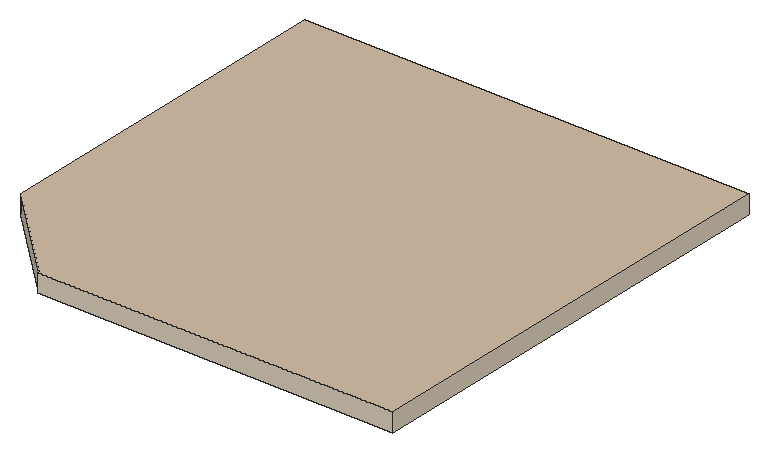
Revit family "215d03b1c1044097941c7d3090d227dc", category Furniture Systems, Revit 2021
Family settings
  Round Connector Dimension = Use Diameter
  Part Type = Normal
  OmniClass Number = 23.40.70.14.64.21
  OmniClass Title = Systems Furniture
  Work Plane-Based = No
  Always vertical = Yes
  Cut with Voids When Loaded = No
  Shared = No
  Room Calculation Point = No
Parameters (values of type "30" x 24"")
  Work Surface Material [instance] = Plastic Laminate - White Oak
  Type Comments = "30\" x 24\" Corner Angled Work Surface"
  Thickness = 1 1/4"
  Width = 30"
  Model = ""
  Manufacturer = ""
  Height = 30"
  Edge Material [instance] = Plastic Laminate - Beige - Light - Smooth
  Description = ""
  Depth = 24"
  Default Elevation = 0"
  Angle Depth = 5 31/32"
Reference planes (in)
  plane 1 "Center F/B": y = 0
  plane 2: z = 0
  plane 3 "Center L/R": x = 0
  plane 4: y = -24
  plane 5 "Right": x = 30
  plane 6 "Top": z = 30
  plane 7 "Bottom": z = 28.75
  plane 8 "Front": y = -30
  plane 9: x = 6
  plane 10: x = 0.03125
  plane 11: y = -29.96875
Forms (in)
  Extrusion 1, solid, material "Plastic Laminate - White Oak" <- "Work Surface Material"
    sketch origin (0, 0, 0) x (1, 0, 0) y (0, 1, 0)
      loop
        line (0, 0) -> (0, -24) -> (0.03125, -24) -> (6, -29.96875) -> (6, -30) -> (30, -30) -> (30, 0) -> (0, 0)
    from 28.75 to 30
Lines and regions (in)
  Masking region 1
    outline origin (-3.44594, -3.77627, 0) x (1, 0, 0) y (0, 1, 0)
      loop
        line (3.44594, 3.77627) -> (3.44594, -20.22373) -> (3.47719, -20.22373) -> (9.44594, -26.19248) -> (9.44594, -26.22373) -> (33.44594, -26.22373) -> (33.44594, 3.77627) -> (3.44594, 3.77627)
Dimensions and locks (in)
  "Width": plane 3 "Center L/R" to plane 5 "Right"
  "Depth": plane 4 to plane 1 "Center F/B"
  "Thickness": plane 6 "Top" to plane 7 "Bottom"
  "Width": plane 8 "Front" to plane 1 "Center F/B"
  "Depth": plane 9 to plane 5 "Right"
  "Angle Depth": plane 10 to plane 9
  "Angle Depth": plane 4 to plane 11
  "Height": plane 6 "Top" to plane 2
  aligned and locked: plane 1 "Center F/B" to Extrusion 1 sketch curve
  aligned and locked: plane 5 "Right" to Extrusion 1 sketch curve
  aligned and locked: plane 3 "Center L/R" to Extrusion 1 sketch curve
  aligned and locked: level to plane 2
  aligned and locked: plane 6 "Top" to Extrusion 1
  aligned and locked: plane 7 "Bottom" to Extrusion 1
  aligned: plane 1 "Center F/B" to Masking region 1 sketch curve
  aligned and locked: Extrusion 1 sketch curve to plane 8 "Front"
  aligned and locked: Extrusion 1 sketch curve to plane 9
  aligned and locked: plane 4 to Extrusion 1 sketch curve
  aligned and locked: plane 1 "Center F/B" to Masking region 1 sketch curve
  aligned and locked: plane 5 "Right" to Masking region 1 sketch curve
  aligned and locked: Masking region 1 sketch curve to plane 8 "Front"
  aligned and locked: plane 3 "Center L/R" to Masking region 1 sketch curve
  aligned and locked: Extrusion 1 to Masking region 1 sketch curve
  aligned and locked: plane 9 to Masking region 1 sketch curve
  aligned and locked: plane 4 to Masking region 1 sketch curve
Automatic sketch dimensions
  Extrusion 1 sketch curve to plane 10 = 0"
  Extrusion 1 sketch curve to plane 11 = 0"
